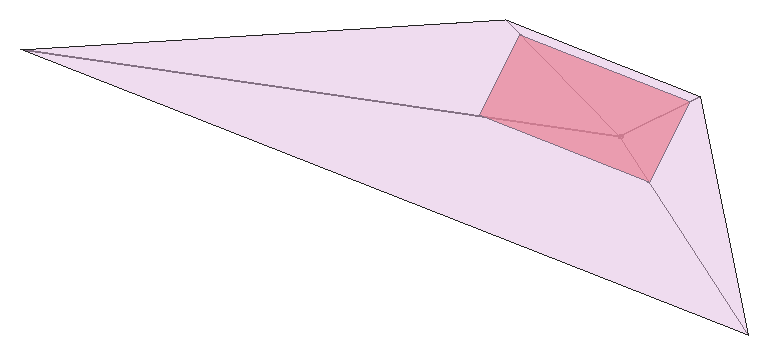
Revit family "Camera-Security-Panasonic-Dome-Super_Dynamic-Vandal_Resistant-Network-SFV130x", category Security Devices, host Face, Revit 2013
Parameters (values of type "WV-SFV130M")
  z Yaw Actual [instance] = if(and(On Wall, not(On Ceiling)), 0.00°, 180.00°)  # 180.00°
  z VV Viewpoint Depth Min = 0.79744"  # constant formula
  z VV Viewpoint Depth Max = 0.79744"  # constant formula
  z VV Viewpoint Depth [instance] = (z VV Viewpoint Depth Max - z VV Viewpoint Depth Min) * z HFOV Ratio + z VV Viewpoint Depth Min  # 0.79744"
  z VV Origin Height [instance] = 0.7874"  # constant formula
  z Tilt Actual Safe [instance] = if(Tilt Actual = -90.00°, -89.90°, Tilt Actual)  # 45.00°
  z Tilt Actual [instance] = Tilt Actual  # 45.00°
  z Pan Actual Safe [instance] = if(Pan Actual = -180.00°, 180.00°, Pan Actual)  # 0.00°
  z Pan Actual [instance] = Pan Actual  # 0.00°
  z HFOV Ratio [instance] = 1  # constant formula
  z Dome Material = PC Resin - Panasonic - Clear
  z Const Yaw Handle Length = 9.25197"  # constant formula
  z Const Yaw Base2 Length = 17.32283"  # constant formula
  z Const Yaw Base Length = 10.23622"  # constant formula
  z Const Tilt Handle Length = 14.17323"  # constant formula
  z Const Tilt Base2 Length = 19.68504"  # constant formula
  z Const Tilt Base Length = 9.84252"  # constant formula
  z Const Pan Handle Length = 27.55906"  # constant formula
  z Camera Resolution Type = 1
  z Base Radius = 2.1405"
  Wide Dynamic Range = yes
  Weight = 0.771615 lbf
  Voltage DC = 48 V
  Voltage AC = 0 V
  Vertical FOV Min [instance] = if(and(Aspect Ratio 4_3, not(Aspect Ratio 16_9)), VFOV Min 43, VFOV Min 169)  # 60.00°
  Vertical FOV Max [instance] = if(and(Aspect Ratio 4_3, not(Aspect Ratio 16_9)), VFOV Max 43, VFOV Max 169)  # 60.00°
  Vertical FOV Actual [instance] = z HFOV Ratio * (Vertical FOV Max - Vertical FOV Min) + Vertical FOV Min  # 60.00°
  Vandal Resistant = yes
  VFOV Min 43 = 66.00°
  VFOV Min 169 = 60.00°
  VFOV Max 43 = 66.00°
  VFOV Max 169 = 60.00°
  URL = "http://security.panasonic.com/pss/security/"
  Tilting Range = "-20 to +90"
  Tilt Min = -20.00°  # constant formula
  Tilt Max = 90.00°  # constant formula
  Tilt Desired [instance] = 45.00°
  Tilt Actual [instance] = if(Tilt Desired > Tilt Max, Tilt Max, if(Tilt Desired < Tilt Min, Tilt Min, Tilt Desired))  # 45.00°
  Storage Temperature = Operational Temperature  # "-40°F - 140°F"
  Show View Volume [instance] = yes
  Resolution_HD [instance] = no
  Resolution_FullHD [instance] = yes
  Regulatory Compliance = "UL (UL60950-1), C-UL (CAN/CSA C22.2 No.60950-1), CE, IEC60950-1 FCC Part15 ClassA, ICES003 ClassA, EN55022 ClassB, EN55024"
  Provide Feedback = "https://www.surveymonkey.com/s/95FL6QY"
  Product Page URL = "http://security.panasonic.com/products/wv-sfv130/"
  Product Material = Aluminum - Panasonic - Light Gray
  Product Documentation Link = "http://ssbu-t.psn-web.net/Products/IP_camera/WV-SFV130_SFV110/Specsheet/WV-SFV130_110-LTR.pdf"
  Power Active = 4.3 W
  Part Number = Model  # "WV-SFV130M"
  Part Description = Description  # "Super Dynamic Full HD Vandal Resistant Dome Network Camera, SFV130M"
  Panning Range = "-20 to +20"
  Pan Min [instance] = if(and(On Wall, not(On Ceiling)), -90.00°, -20.00°)  # -20.00°
  Pan Max [instance] = if(and(On Wall, not(On Ceiling)), 90.00°, 20.00°)  # 20.00°
  Pan Desired [instance] = 0.00°
  Pan Actual [instance] = if(Pan Desired > Pan Max, Pan Max, if(Pan Desired < Pan Min, Pan Min, Pan Desired))  # 0.00°
  PPM Desired [instance] = 300
  PPM Actual [instance] = if(PPM Desired > 1, PPM Desired, 1)  # 300
  Original Creation Date = "May, 31, 2016"
  Operational Temperature = "-40°F - 140°F"  # constant formula
  Operational Humidity = "10% to 90% (no condensation)"
  On Wall [instance] = no
  On Ceiling [instance] = yes
  Mounting Positions = "Mount Dependent"
  Model Disclaimer = "Contact Panasonic for more information"  # constant formula
  Model = "WV-SFV130M"
  Minimum Illumination = 0.1 lx
  Manufacturer = "Panasonic"  # constant formula
  Indoor Or Outdoor = "Outdoor"
  IP Or Analog = "IP"
  Horizontal Resolution Actual [instance] = if(and(Aspect Ratio 4_3, not(Aspect Ratio 16_9)), Horizontal Resolution 43, Horizontal Resolution 169)  # 1920
  Horizontal Resolution 43 [instance] = if(not(z Camera Resolution Type = 1), 1280, if(and(Resolution_HD, not(Resolution_FullHD)), 1280, 2048))  # 2048
  Horizontal Resolution 169 [instance] = if(not(z Camera Resolution Type = 1), 1280, if(and(Resolution_HD, not(Resolution_FullHD)), 1280, 1920))  # 1920
  Horizontal FOV Min [instance] = if(and(Aspect Ratio 4_3, not(Aspect Ratio 16_9)), HFOV Min 43, HFOV Min 169)  # 108.00°
  Horizontal FOV Max [instance] = if(and(Aspect Ratio 4_3, not(Aspect Ratio 16_9)), HFOV Max 43, HFOV Max 169)  # 108.00°
  Horizontal FOV Desired [instance] = 60.00°
  Horizontal FOV Actual [instance] = if(Horizontal FOV Desired > Horizontal FOV Max, Horizontal FOV Max, if(Horizontal FOV Desired < Horizontal FOV Min, Horizontal FOV Min, Horizontal FOV Desired))  # 108.00°
  Height = 1.844"
  Has POE = yes
  HFOV Min 43 = 89.00°
  HFOV Min 169 = 108.00°
  HFOV Max 43 = 89.00°
  HFOV Max 169 = 108.00°
  Family Version = "1.0.0"  # constant formula
  Equipment Number [instance] = ""
  Equipment Abbreviation = "SC"
  Dome Part Number = "WV-CW6SA"  # constant formula
  Distance to Screen [instance] = 393.70079"
  Distance to PPM Target [instance] = if(PPM Actual = 0, 0.000", 39.37008" * Horizontal Resolution Actual / (PPM Actual * 2 * tan(Horizontal FOV Actual / 2)))  # 91.53292"
  Distance to Floor [instance] = 118.11024"
  Distance to Ceiling [instance] = 0.000"
  Diameter = 4.281"
  Description = "Super Dynamic Full HD Vandal Resistant Dome Network Camera, SFV130M"
  Default Elevation = 0.000"
  Day Or Night = "Yes"
  Date Last Modified = "May, 31, 2016"
  Copyright = "Copyright © Panasonic"  # constant formula
  Communication Ports = "10Base-T / 100Base-TX, M12 connector"
  Audio Out = "No"
  Audio In = "No"
  Aspect Ratio 4_3 [instance] = no
  Aspect Ratio 16_9 [instance] = yes
  Angle Of View = "108"
  Alarm Input Or Output Specification = "N/A"
Types (5): name | z Camera Resolution Type | Vertical FOV Min | Vertical FOV Max | Vertical FOV Actual | VFOV Min 43 | VFOV Min 169 | VFOV Max 43 | VFOV Max 169 | Product Page URL | Part Number | Part Description | PPM Desired | PPM Actual | Model | Minimum Illumination | Horizontal Resolution Actual | Horizontal Resolution 43 | Horizontal Resolution 169 | Horizontal FOV Min | Horizontal FOV Max | Horizontal FOV Desired | Horizontal FOV Actual | HFOV Min 43 | HFOV Min 169 | HFOV Max 43 | HFOV Max 169 | Distance to PPM Target | Description | Communication Ports | Angle Of View
  (no name) | 1 | 60.00° | 60.00° | 60.00° | 66.00° | 60.00° | 66.00° | 60.00° | "http://security.panasonic.com/products/wv-sfv130/" | "WV-SFV130M" | "Super Dynamic Full HD Vandal Resistant Dome Network Camera, SFV130M" | 300 | 300 | "WV-SFV130M" | 0.1 lx | 1920 | 2048 | 1920 | 108.00° | 108.00° | 60.00° | 108.00° | 89.00° | 108.00° | 89.00° | 108.00° | 91.53292" | "Super Dynamic Full HD Vandal Resistant Dome Network Camera, SFV130M" | "10Base-T / 100Base-TX, M12 connector" | "108"
  WV-SFV130 | 1 | 60.00° | 60.00° | 60.00° | 66.00° | 60.00° | 66.00° | 60.00° | "http://security.panasonic.com/products/wv-sfv130/" | "WV-SFV130" | "Super Dynamic Full HD Vandal Resistant Dome Network Camera, SFV130" | 0 | 1 | "WV-SFV130" | 0.1 lx | 1920 | 2048 | 1920 | 108.00° | 108.00° | 0.00° | 108.00° | 89.00° | 108.00° | 89.00° | 108.00° | 27459.87507" | "Super Dynamic Full HD Vandal Resistant Dome Network Camera, SFV130" | "10Base-T / 100Base-TX, RJ45 connector" | "108"
  WV-SFV110 | 2 | 55.00° | 55.00° | 55.00° | 73.00° | 55.00° | 73.00° | 55.00° | "http://security.panasonic.com/products/wv-sfv110/" | "WV-SFV110" | "Super Dynamic HD Vandal Resistant Dome Network Camera, SFV110" | 0 | 1 | "WV-SFV110" | 0.04 lx | 1280 | 1280 | 1280 | 100.00° | 100.00° | 0.00° | 100.00° | 100.00° | 100.00° | 100.00° | 100.00° | 21142.66787" | "Super Dynamic HD Vandal Resistant Dome Network Camera, SFV110" | "10Base-T / 100Base-TX, RJ45 connector" | "100"
  WV-SFV130M | 1 | 60.00° | 60.00° | 60.00° | 66.00° | 60.00° | 66.00° | 60.00° | "http://security.panasonic.com/products/wv-sfv130/" | "WV-SFV130M" | "Super Dynamic Full HD Vandal Resistant Dome Network Camera, SFV130M" | 300 | 300 | "WV-SFV130M" | 0.1 lx | 1920 | 2048 | 1920 | 108.00° | 108.00° | 60.00° | 108.00° | 89.00° | 108.00° | 89.00° | 108.00° | 91.53292" | "Super Dynamic Full HD Vandal Resistant Dome Network Camera, SFV130M" | "10Base-T / 100Base-TX, M12 connector" | "108"
  WV-SFV110M | 2 | 55.00° | 55.00° | 55.00° | 73.00° | 55.00° | 73.00° | 55.00° | "http://security.panasonic.com/products/wv-sfv110/" | "WV-SFV110M" | "Super Dynamic HD Vandal Resistant Dome Network Camera, SFV110M" | 0 | 1 | "WV-SFV110M" | 0.04 lx | 1280 | 1280 | 1280 | 100.00° | 100.00° | 0.00° | 100.00° | 100.00° | 100.00° | 100.00° | 100.00° | 21142.66787" | "Super Dynamic HD Vandal Resistant Dome Network Camera, SFV110M" | "10Base-T / 100Base-TX, M12 connector" | "100"
Reference planes (in)
  plane 1 "Center (Front/Back)": y = 0
  plane 2: z = 0
  plane 3 "Center (Left/Right)": x = 0
  plane 4: x = 2.1405
  plane 5: x = -2.1405
  plane 6: z = 1.758
  plane 7: x = -0.75
  plane 8: x = 0.75
  plane 9: y = -1
  plane 10: y = -1.75
  plane 11: y = -0.25
  plane 12: y = 0.531
  plane 13: x = -1.9405
  plane 14: x = 1.9405
  plane 15: z = 0.558
  plane 16: z = 1.258
  plane 17: z = 0.758
  plane 18: y = -0.5
  plane 19: z = 0
  plane 20: z = 1.844
  plane 21 "BP": z = 0.7874
Forms (in)
  Extrusion 1, solid, material "Aluminum - Panasonic - Light Gray" <- "Product Material"
    sketch origin (0, 0, 0) x (1, 0, 0) y (0, 1, 0)
      loop
        circle (0, 0) r 2.1405
    from 0 to 1.758
  Sweep 2, void
    path in 3D
      loop
        spline (-2.08128, 1.031, 1.5) -> (-2.01037, 0.90159, 1.5) -> (-1.80244, 0.781, 1.5) -> (-1.47169, 0.67745, 1.5) -> (-1.04064, 0.59799, 1.5) -> (-0.53868, 0.54804, 1.5) -> (0, 0.531, 1.5) -> (0.53868, 0.54804, 1.5) -> (1.04064, 0.59799, 1.5) -> (1.47169, 0.67745, 1.5) -> (1.80244, 0.781, 1.5) -> (2.01037, 0.90159, 1.5) -> (2.08128, 1.031, 1.5)
    profile origin (0, 0.531, 1.5) x (0, 1, 0) y (0, 0, 1)
      loop
        line (0, 0.258) -> (-2.69735, 0.258) -> (-2.69735, -0.942) -> (-0.78008, -0.742)
        arc (-0.78008, -0.742) -> (-0.21809, -0.37614) -> (0, 0.258) r 1.031
  Revolve 3, solid, material "PC Resin - Panasonic - Clear" <- "z Dome Material"
    sketch origin (-60, -0.5, 48) x (-1, 0, 0) y (0, 0, 1)
      loop
        arc (-58.714, -47.442) -> (-59.09066, -46.53266) -> (-60, -46.156) r 1.286
        line (-60, -46.156) -> (-60, -47.442) -> (-58.714, -47.442)
      axis (-60, -46.156) -> (-60, -47.442)
    angle from 0 to 360
  Sweep 4, void
    path in 3D
      loop
        spline (1.95915, 0.86224, 1.758) -> (1.67456, 0.73407, 1.758) -> (1.3288, 0.64617, 1.758) -> (1.00203, 0.59277, 1.758) -> (0.6694, 0.55757, 1.758) -> (0.33931, 0.53769, 1.758) -> (0.00128, 0.531, 1.758) -> (-0.33809, 0.53764, 1.758) -> (-0.67198, 0.55778, 1.758) -> (-1.01122, 0.59399, 1.758) -> (-1.34531, 0.6495, 1.758) -> (-1.68491, 0.73747, 1.758) -> (-1.95915, 0.86224, 1.758)
    profile origin (0.00128, 0.531, 1.758) x (0.000148, -1, 0) y (0, 0, 1)
      loop
        line (0, 0) -> (-0.31705, 0) -> (-0.31705, -1.758) -> (2.281, -1.758) -> (2.281, -1.15775) -> (0.78008, -1.358)
        arc (0.78008, -1.358) -> (0.2089, -0.78305) -> (0, 0) r 1.57208
Cuts and joins
  Sweep 2 cuts Extrusion 1
  Sweep 4 cuts Revolve 3
Lines and regions (in)
  Masking region 1
    outline origin (0, 0, 0) x (1, 0, 0) y (0, 1, 0)
      loop
        circle (0, 0) r 2.1405
  Masking region 2
    outline origin (0, 0, 0) x (1, 0, 0) y (0, 0, 1)
      loop
        line (-2.1405, 0.758) -> (-2.1405, 0) -> (2.1405, 0) -> (2.1405, 0.758) -> (2.00653, 1.258) -> (1.95915, 1.758) -> (-1.95915, 1.758) -> (-2.00653, 1.258) -> (-2.1405, 0.758)
  sketch lines
    curve 1: spline (-2.08128, 1.031, 1.5) -> (-2.01037, 0.90159, 1.5) -> (-1.80244, 0.781, 1.5) -> (-1.47169, 0.67745, 1.5) -> (-1.04064, 0.59799, 1.5) -> (-0.53868, 0.54804, 1.5) -> (0, 0.531, 1.5) -> (0.53868, 0.54804, 1.5) -> (1.04064, 0.59799, 1.5) -> (1.47169, 0.67745, 1.5) -> (1.80244, 0.781, 1.5) -> (2.01037, 0.90159, 1.5) -> (2.08128, 1.031, 1.5)
    curve 2: spline (1.95915, 0.86224, 1.758) -> (1.67456, 0.73407, 1.758) -> (1.3288, 0.64617, 1.758) -> (1.00203, 0.59277, 1.758) -> (0.6694, 0.55757, 1.758) -> (0.33931, 0.53769, 1.758) -> (0.00128, 0.531, 1.758) -> (-0.33809, 0.53764, 1.758) -> (-0.67198, 0.55778, 1.758) -> (-1.01122, 0.59399, 1.758) -> (-1.34531, 0.6495, 1.758) -> (-1.68491, 0.73747, 1.758) -> (-1.95915, 0.86224, 1.758)
  symbolic lines, style "SecurityDevices", detail levels fine
    curve 3: circle (0, -0.5, 0) r 1.286 normal (0, 0, 1)
Dimensions and locks (in)
  equal spacing: plane 5, plane 3 "Center (Left/Right)", plane 4
  "Diameter": plane 5 to plane 4
  plane 6 to plane 2 = 1.758"
  plane 11 to plane 9 to plane 10 = 0.750" locked, 0.750" locked
  plane 1 "Center (Front/Back)" to plane 12 = 0.531"
  "Height": plane 20 to plane 19
  plane 6 to plane 16 to plane 17 to plane 15 to plane 19 = 0.500" locked, 0.500" locked, 0.200" locked, 0.558" locked
  "z VV Origin Height": plane 21 "BP" to level
  "z Base Radius": radius of Extrusion 1 sketch curve
  aligned and locked: plane 2 to host face
  aligned and locked: level to host face
  aligned and locked: plane 1 "Center (Front/Back)" to Extrusion 1 sketch curve
  aligned and locked: plane 3 "Center (Left/Right)" to Extrusion 1 sketch curve
  aligned and locked: plane 6 to Extrusion 1
  aligned and locked: Revolve 3 sketch curve to plane 15
  aligned and locked: cut or joined group of Extrusion 1, Sweep 2 to plane 19
  aligned and locked: plane 3 "Center (Left/Right)" to Revolve 3 sketch curve
  aligned and locked: plane 6 to Sweep 2 sketch curve
  aligned and locked: plane 15 to Sweep 2 sketch curve
  aligned and locked: plane 17 to Sweep 2 sketch curve
  aligned and locked: Sweep 4 sketch curve to plane 19
  aligned and locked: plane 6 to Sweep 4 sketch curve
Automatic sketch dimensions
  host sketch curve to host sketch curve = 13.84857"
  host sketch curve to host sketch curve = 13.33566"
  Sweep 2 sketch curve to profile plane = 0.000"
  profile plane to Sweep 2 sketch curve = 0.78008"
  Sweep 2 sketch curve to Sweep 2 sketch curve = 1.91727"
  Sweep 4 sketch curve to profile plane = 0.000"
  profile plane to Sweep 4 sketch curve = 0.31705"
  Sweep 4 sketch curve to profile plane = 0.78008"
  Sweep 4 sketch curve to Sweep 4 sketch curve = 1.50092"
  Sweep 4 sketch curve to profile plane = 1.15775"
  Sweep 4 sketch curve to Sweep 4 sketch curve = 0.400"
  Revolve 3 sketch curve to plane 3 "Center (Left/Right)" = 0.000"
  Revolve 3 sketch curve to plane 20 = 0.000"
  Revolve 3 sketch curve to plane 16 = 0.17748"
  plane 6 to Revolve 3 sketch curve = 0.12412"
  plane 1 "Center (Front/Back)" to Masking region 1 sketch curve = 0.000"
  Masking region 1 sketch curve to plane 3 "Center (Left/Right)" = 0.000"
  Masking region 2 sketch curve to level = 0.000"
  plane 5 to Masking region 2 sketch curve = 0.000"
  Masking region 2 sketch curve to plane 16 = 0.000"  (x2)
  Masking region 2 sketch curve to plane 6 = 0.000"
  plane 4 to Masking region 2 sketch curve = 0.000"
  Masking region 2 sketch curve to plane 17 = 0.000"  (x2)
  plane 13 to Masking region 2 sketch curve = 0.06603"
  plane 13 to Masking region 2 sketch curve = 0.01865"
  plane 14 to Masking region 2 sketch curve = 0.01865"
  plane 14 to Masking region 2 sketch curve = 0.06603"
  curve 3 to plane 3 "Center (Left/Right)" = 0.000"
  plane 18 to curve 3 = 0.000"
  radius of Masking region 1 sketch curve = 2.1405"
  radius of curve 3 = 1.286"
Nested families (in)
  nested 1: "Camera-Security-Panasonic-ViewVolumePTYZ" at (0, -0.5, 0.7874), Base Height Offset <- "z VV Origin Height", Viewpoint Depth <- "z VV Viewpoint Depth", Tilt <- "z Tilt Actual Safe", Pan <- "z Pan Actual Safe", HFOV <- "Horizontal FOV Actual", VFOV <- "Vertical FOV Actual", On Wall <- "On Wall", On Ceiling <- "On Ceiling", Screen Depth <- "Distance to Screen", Floor Distance <- "Distance to Floor", Ceiling Distance <- "Distance to Ceiling", Target Depth <- "Distance to PPM Target", visible <- "Show View Volume", Yaw <- "z Yaw Actual", type "Camera-Security-Panasonic-ViewVolumePTYZ"
    with z Yaw Actual 180.00°, z Void Width 1874.33655", z Void Thickness 395.28563", z Void Height Start -937.16828", z Void Height End 937.16828", z Void Direction 0, z Void Angle 0.00°, z Viewpoint Depth 0.79744", z Tilt Actual 45.00°, z Target Width 251.9685", z Target Visible yes, z Target Height 105.69311", z Target Depth 92.33036", z Screen Width 1083.76529", z Screen Height 454.60651", z Screen Depth 394.49823", z Pan Actual 0.00°, z Floor Distance 118.11024", z Ceiling Distance 0.000", Yaw 180.00°, Viewpoint Origin Horizontal Offset 0.000", Viewpoint Depth 0.79744", VFOV 60.00°, Tilt 45.00°, Target Depth 91.53292", Screen Depth 393.70079", Pan 0.00°, On Wall no, On Floor no, On Default Mount Type 0, On Ceiling yes, HFOV 108.00°, Floor Distance 118.11024", Ceiling Distance 0.000", Base Height Offset 0.7874", Base Angle Offset 0.00°
Connectors (in)
  electrical at (0, 0, 0), driven by "Voltage DC", driven by "Power Active"
    settings: on cut or joined group of Extrusion 1, Sweep 2, index 1, voltage 48 V, apparent load 4.3 W, apparent load phase1 0 W, apparent load phase2 0 W, apparent load phase3 0 W, power factor 1, load classification "Other", number of poles 1, system type 30, power factor state 1, is connector primary yes, connector utility no, sub classification motor no, connector description "Electrical Connection"
  electrical at (0, 0, 0)
    settings: index 2, voltage 0 V, apparent load 0 W, apparent load phase1 0 W, apparent load phase2 0 W, apparent load phase3 0 W, power factor 1, load classification "Other", number of poles 1, system type 5, power factor state 1, is connector primary no, connector utility no, sub classification motor no, connector description "Data Connection"
Definition of nested family "Camera-Security-Panasonic-ViewVolumePTYZ"
  Parameters (values of type "Camera-Security-Panasonic-ViewVolumePTYZ")
    z Yaw Actual [instance] = if(Yaw < 0.00°, 360.00° - (abs(Yaw) - rounddown(abs(Yaw) / 360.00°) * 360.00°), Yaw - rounddown(Yaw / 360.00°) * 360.00°)  # 0.00°
    z Void Width [instance] = if(z Screen Width > z Screen Height, z Screen Width, z Screen Height) + abs(Viewpoint Origin Horizontal Offset) + z Void Thickness * 2  # 1265.63013"
    z Void Thickness [instance] = z Screen Depth + abs(Base Height Offset)  # 405.51181"
    z Void Height Start [instance] = -z Void Width / 2  # -632.81507"
    z Void Height End [instance] = z Void Width / 2  # 632.81507"
    z Void Direction [instance] = if((if(On Wall, 1, 0) + if(On Floor, 1, 0) + if(On Ceiling, 1, 0)) = 1, if(On Ceiling, 0, if(On Wall, 1, 2)), On Default Mount Type)  # 0
    z Viewpoint Depth [instance] = if(Viewpoint Depth < 0.03937", 0.03937", Viewpoint Depth)  # 5.90551"
    z Tilt Actual [instance] = if(Tilt < 0.00°, 360.00° - (abs(Tilt) - rounddown(abs(Tilt) / 360.00°) * 360.00°), Tilt - rounddown(Tilt / 360.00°) * 360.00°)  # 45.00°
    z Target Visible [instance] = not(Screen Depth < Target Depth)  # yes
    z Target Thickness Start = -z Target Thickness / 2  # -0.03937"
    z Target Thickness End = z Target Thickness / 2  # 0.03937"
    z Target Depth [instance] = Target Depth + Viewpoint Depth  # 84.64567"
    z Pan Actual [instance] = if(Pan < 0.00°, 360.00° - (abs(Pan) - rounddown(abs(Pan) / 360.00°) * 360.00°), Pan - rounddown(Pan / 360.00°) * 360.00°)  # 0.00°
    z Floor Distance [instance] = if(z Void Direction = 2, if(Floor Distance < 0.000", 0.000", Floor Distance), if(Floor Distance < 0.3937", 0.3937", Floor Distance))  # 118.11024"
    z Const Yaw Base2 Length = 17.32283"  # constant formula
    z Const Tilt Base2 Length = 19.68504"  # constant formula
    z Ceiling Distance [instance] = if(z Void Direction = 2, if(Ceiling Distance < 0.3937", 0.3937", Ceiling Distance), if(Ceiling Distance < 0.000", 0.000", Ceiling Distance))  # 0.000"
    z Const Void Handle Length = 23.62205"  # constant formula
    z Void Angle [instance] = if(z Void Direction = 0, 0.00° + Base Angle Offset, if(z Void Direction = 1, 90.00° + Base Angle Offset, 180.00° + Base Angle Offset))  # 0.00°
    z Screen Depth [instance] = if(Screen Depth < 3.93701", 3.93701" + Viewpoint Depth, Screen Depth + Viewpoint Depth)  # 399.6063"
    Original Creation Date = "September, 15, 2016"  # constant formula
    On Default Mount Type [instance] = 0
    Manufacturer = "Panasonic"  # constant formula
    Family Version = "1.0.0"  # constant formula
    Date Last Modified = "September, 15, 2016"  # constant formula
    Copyright = "Copyright © Panasonic"  # constant formula
    Base Height Offset [instance] = 5.90551"
    Base Angle Offset [instance] = 0.00°
    z Viewpoint Width = 0.03937"  # constant formula
    z Viewpoint Height = 0.03937"  # constant formula
    VFOV [instance] = 33.75°
    z Target Width [instance] = Target Depth * tan(HFOV / 2) * 2  # 90.9213"
    z Target Thickness = 0.07874"  # constant formula
    z Target Height [instance] = Target Depth * tan(VFOV / 2) * 2  # 47.77113"
    Target Depth [instance] = 78.74016"
    z Screen Width [instance] = (z Screen Depth - Viewpoint Depth) * tan(HFOV / 2) * 2  # 454.60651"
    z Screen Height [instance] = (z Screen Depth - Viewpoint Depth) * tan(VFOV / 2) * 2  # 238.85566"
    Screen Depth [instance] = 393.70079"
    z Const Yaw Handle Length = 9.25197"  # constant formula
    z Const Yaw Base Length = 10.23622"  # constant formula
    Viewpoint Depth [instance] = 5.90551"
    Viewpoint Origin Horizontal Offset [instance] = 0.000"
    z Const Tilt Handle Length = 14.17323"  # constant formula
    z Const Tilt Base Length = 9.84252"  # constant formula
    z Const Pan Handle Length = 19.68504"  # constant formula
    z Const Pan Axis Length = 15.74803"  # constant formula
    On Wall [instance] = no
    On Floor [instance] = no
    On Ceiling [instance] = yes
    HFOV [instance] = 60.00°
    Yaw [instance] = 0.00°
    Tilt [instance] = 45.00°
    Pan [instance] = 0.00°
    Floor Distance [instance] = 118.11024"
    Ceiling Distance [instance] = 0.000"
  Reference planes (in)
    plane 1 "Center (Front/Back)": y = 0
    plane 2: z = 0
    plane 3 "Center (Left/Right)": x = 0
    plane 4 "VoidOffsetBase": z = -5.90551
  Forms (in)
    Extrusion 1, void
      sketch origin (0, 0, -5.90551) x (0, 0, 1) y (0, -1, 0)
        loop
          line (523.62205, 632.81507) -> (118.11024, 632.81507) -> (118.11024, -632.81507) -> (523.62205, -632.81507) -> (523.62205, 632.81507)
        loop
          line (0, 632.81507) -> (-405.51181, 632.81507) -> (-405.51181, -632.81507) -> (0, -632.81507) -> (0, 632.81507)
      from -632.81507 <- "z Void Height Start" to 632.81507 <- "z Void Height End"
    Blend 2, solid, material "Panasonic - ViewVolume"
      base sketch origin (0, -4.17583, 4.17583) x (0, 0.707107, 0.707107) y (-1, 0, 0)
        loop
          line (-0.01969, -0.01969) -> (0.01969, -0.01969) -> (0.01969, 0.01969) -> (-0.01969, 0.01969) -> (-0.01969, -0.01969)
      top sketch origin (0, -282.56432, 282.56432) x (0, 0.707107, 0.707107) y (-1, 0, 0)
        loop
          line (-119.42783, -227.30326) -> (119.42783, -227.30326) -> (119.42783, 227.30326) -> (-119.42783, 227.30326) -> (-119.42783, -227.30326)
      from 0 to 0
    Extrusion 3, solid, material "Panasonic - Target", visible <- "z Target Visible"
      sketch origin (0, -59.85353, 59.85353) x (0, 0.707107, 0.707107) y (-1, 0, 0)
        loop
          line (-23.88557, -45.46065) -> (23.88557, -45.46065) -> (23.88557, 45.46065) -> (-23.88557, 45.46065) -> (-23.88557, -45.46065)
      from -0.03937 <- "z Target Thickness Start" to 0.03937 <- "z Target Thickness End"
  Cuts and joins
    Extrusion 1 cuts Blend 2
    Extrusion 1 cuts Extrusion 3
  Lines and regions (in)
    reference lines
      curve 1: line (0, 0, 0) -> (19.68504, 0, 0)
      curve 2: line (0, 0, -15.74803) -> (0, 0, 0)
      curve 3: line (0, 0, 0) -> (0, -9.84252, 0)
      curve 4: line (0, 0, 0) -> (0, 0, 19.68504)
      curve 5: line (0, -10.02199, 10.02199) -> (0, 0, 0)
      curve 6: line (0, 0, 0) -> (0, 7.2381, 7.2381)
      curve 7: line (0, 0, 0) -> (-17.32283, 0, 0)
      curve 8: line (0, 0, 0) -> (-9.25197, 0, 0)
      curve 9: line (0, -4.17583, 4.17583) -> (0, 0, 0)
      curve 10: line (0, 0, 0) -> (0, -59.85353, 59.85353)
      curve 11: line (0, 0, 0) -> (0, -282.56432, 282.56432)
      curve 12: line (-0.01969, -4.16191, 4.18975) -> (0.01969, -4.16191, 4.18975)
      curve 13: line (-0.01969, -4.18975, 4.16191) -> (0.01969, -4.18975, 4.16191)
      curve 14: line (-0.01969, -4.16191, 4.18975) -> (-0.01969, -4.18975, 4.16191)
      curve 15: line (0.01969, -4.16191, 4.18975) -> (0.01969, -4.18975, 4.16191)
      curve 16: line (-45.46065, -42.96388, 76.74317) -> (45.46065, -42.96388, 76.74317)
      curve 17: line (-45.46065, -76.74317, 42.96388) -> (45.46065, -76.74317, 42.96388)
      curve 18: line (-45.46065, -42.96388, 76.74317) -> (-45.46065, -76.74317, 42.96388)
      curve 19: line (45.46065, -42.96388, 76.74317) -> (45.46065, -76.74317, 42.96388)
      curve 20: line (-227.30326, -198.1161, 367.01255) -> (-227.30326, -367.01255, 198.1161)
      curve 21: line (227.30326, -198.1161, 367.01255) -> (227.30326, -367.01255, 198.1161)
      curve 22: line (-227.30326, -198.1161, 367.01255) -> (227.30326, -198.1161, 367.01255)
      curve 23: line (-227.30326, -367.01255, 198.1161) -> (227.30326, -367.01255, 198.1161)
      curve 24: line (0, 0, -5.90551) -> (0, 0, 17.71654)
      curve 25: line (0, -632.81507, 517.71654) -> (0, 632.81507, 517.71654)
      curve 26: line (0, -632.81507, 112.20472) -> (0, -632.81507, 517.71654)
      curve 27: line (0, 632.81507, 112.20472) -> (0, -632.81507, 112.20472)
      curve 28: line (0, 632.81507, 517.71654) -> (0, 632.81507, 112.20472)
      curve 29: line (0, -632.81507, -5.90551) -> (0, 632.81507, -5.90551)
      curve 30: line (0, -632.81507, -411.41732) -> (0, -632.81507, -5.90551)
      curve 31: line (0, 632.81507, -411.41732) -> (0, -632.81507, -411.41732)
      curve 32: line (0, 632.81507, -5.90551) -> (0, 632.81507, -411.41732)
  Dimensions and locks (in)
    "z Const Pan Handle Length": curve 1 to curve 1
    "z Const Pan Axis Length": curve 2 to curve 2
    "z Const Tilt Base Length": curve 3 to curve 3
    "z Const Pan Axis Length": curve 1 to curve 2
    "Viewpoint Origin Horizontal Offset": curve 4 to curve 2
    "z Const Tilt Base2 Length": curve 4 to curve 4
    "z Const Tilt Handle Length": curve 5 to curve 5
    "z Const Yaw Base Length": curve 6 to curve 6
    "z Const Yaw Base2 Length": curve 7 to curve 7
    "z Const Yaw Handle Length": curve 8 to curve 8
    "z Viewpoint Depth": curve 9 to curve 9
    "z Target Depth": curve 10 to curve 10
    "z Screen Depth": curve 11 to curve 11
    equal spacing: curve 13, curve 9, curve 12
    "z Viewpoint Height": curve 13 to curve 12
    equal spacing: curve 14, curve 9, curve 15
    "z Viewpoint Width": curve 14 to curve 15
    equal spacing: curve 17, curve 10, curve 16
    "z Target Height": curve 17 to curve 16
    equal spacing: curve 18, curve 10, curve 19
    "z Target Width": curve 18 to curve 19
    equal spacing: curve 20, curve 11, curve 21
    "z Screen Width": curve 20 to curve 21
    equal spacing: curve 23, curve 11, curve 22
    "z Screen Height": curve 23 to curve 22
    "z Const Void Handle Length": curve 24 to curve 24
    equal spacing: curve 26, curve 24, curve 28
    "z Void Width": curve 26 to curve 28
    "z Floor Distance": curve 27 to curve 24
    "z Ceiling Distance": curve 29 to curve 24
    "z Void Thickness": curve 31 to curve 29
    "z Void Thickness": curve 25 to curve 27
    "Base Height Offset": level to plane 4 "VoidOffsetBase"
    locked: curve 3 to curve 2 (angle 90.00°)
    locked: curve 3 to curve 4 (angle 90.00°)
    "z Tilt Actual": angle curve 4 to curve 5
    locked: curve 6 to curve 7 (angle 90.00°)
    locked: curve 6 to curve 5 (angle 90.00°)
    locked: curve 9 to curve 5 (angle 0.00°)
    locked: curve 10 to curve 5 (angle 0.00°)
    locked: curve 11 to curve 5 (angle 0.00°)
    "z Void Angle": angle plane 1 "Center (Front/Back)" to curve 24
    "z Yaw Actual": angle curve 7 to curve 8
    "z Pan Actual": angle plane 1 "Center (Front/Back)" to curve 1
    aligned and locked: level to plane 2
    aligned and locked: curve 2 to curve 1
    aligned and locked: curve 2 to curve 3
    aligned and locked: curve 3 to curve 2
    aligned and locked: curve 3 to curve 5
    aligned and locked: curve 6 to curve 7
    aligned and locked: curve 6 to curve 8
    aligned and locked: curve 8 to curve 7
    aligned and locked: curve 7 to curve 6
    aligned and locked: curve 5 to curve 11
    aligned and locked: curve 11 to curve 8
    aligned and locked: curve 12 to curve 15
    aligned and locked: curve 15 to curve 15
    aligned and locked: curve 14 to curve 14
    aligned and locked: curve 13 to curve 15
    aligned and locked: curve 16 to curve 19
    aligned and locked: curve 18 to curve 18
    aligned and locked: curve 17 to curve 19
    aligned and locked: curve 22 to curve 22
    aligned and locked: curve 21 to curve 23
    aligned and locked: curve 20 to curve 23
    aligned and locked: curve 23 to curve 23
    aligned and locked: plane 1 "Center (Front/Back)" to curve 24
    aligned and locked: curve 30 to curve 26
    aligned and locked: curve 28 to curve 32
    aligned and locked: Extrusion 1 sketch curve to curve 25
    aligned and locked: Extrusion 1 sketch curve to curve 26
    aligned and locked: Extrusion 1 sketch curve to curve 27
    aligned and locked: Extrusion 1 sketch curve to curve 28
    aligned and locked: Extrusion 1 sketch curve to curve 29
    aligned and locked: Extrusion 1 sketch curve to curve 30
    aligned and locked: Extrusion 1 sketch curve to curve 31
    aligned and locked: Extrusion 1 sketch curve to curve 32
    aligned and locked: Extrusion 1 sketch curve to Extrusion 1 sketch curve  (x8)
    aligned and locked: Blend 2 sketch curve to curve 15
    aligned and locked: Blend 2 sketch curve to curve 13
    aligned and locked: Blend 2 sketch curve to curve 14
    aligned and locked: Blend 2 sketch curve to curve 12
    aligned and locked: Blend 2 sketch curve to Blend 2 sketch curve  (x8)
    aligned and locked: Blend 2 sketch curve to curve 21
    aligned and locked: Blend 2 sketch curve to curve 23
    aligned and locked: Blend 2 sketch curve to curve 20
    aligned and locked: Blend 2 sketch curve to curve 22
    aligned and locked: Extrusion 3 sketch curve to curve 19
    aligned and locked: Extrusion 3 sketch curve to curve 17
    aligned and locked: Extrusion 3 sketch curve to curve 18
    aligned and locked: Extrusion 3 sketch curve to curve 16
    aligned and locked: Extrusion 3 sketch curve to Extrusion 3 sketch curve  (x4)
    aligned and locked: plane 3 "Center (Left/Right)" to curve 1
    aligned and locked: plane 1 "Center (Front/Back)" to curve 1
    aligned and locked: level to curve 2
    aligned and locked: plane 4 "VoidOffsetBase" to curve 24
  Automatic sketch dimensions
    curve 6 to curve 5 = 0.000"
    curve 6 to curve 5 = 10.23622"
